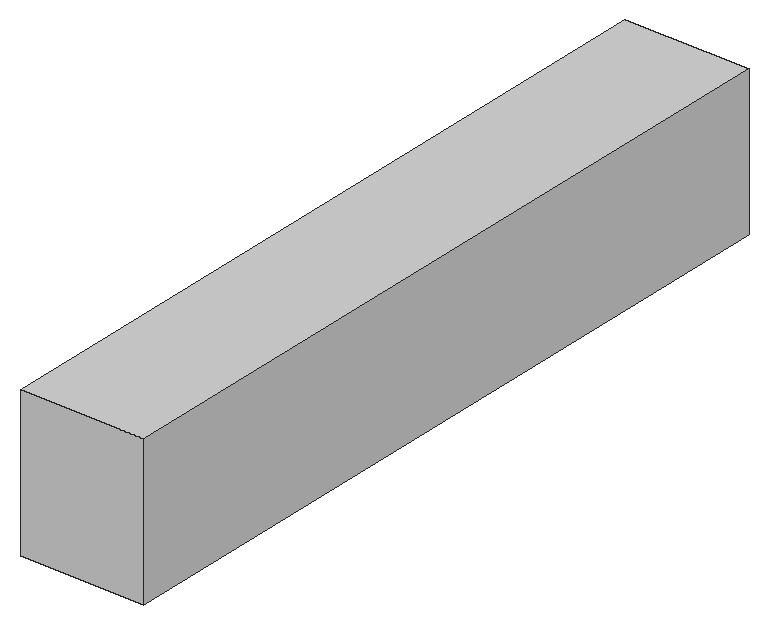
Revit family "MF_COMPENSATION TUBE 4''x2''_1904317", category Generic Models, Revit 2018
Family settings
  Can host rebar = No
  Round Connector Dimension = Use Diameter
  Part Type = Normal
  OmniClass Number = 35.51.14.00
  OmniClass Title = FORMWORK
  Work Plane-Based = Yes
  Always vertical = No
  Cut with Voids When Loaded = No
  Shared = Yes
  Room Calculation Point = No
Parameters
  VERSION = "20190101"  # constant formula
  URL = "www.ulmaconstruction.com/en"
  UNICLASS = ""
  ITEM_CODE = "1904317"
  Manufacturer = "ULMA CONSTRUCTION"  # constant formula
  FILTER [instance] = ""
  Default Elevation = 0"
  CLASSIFICATION_TITLE = ""
  CLASSIFICATION_NUMBER = ""
Reference planes (in)
  plane 1 "Centro (Frontal/Posterior)": y = 0
  plane 2: z = 0
  plane 3 "Centro (Izquierda/Derecha)": x = 0
  plane 4 "ITEM_HEIGHT": y = 24
  plane 5 "TIE HOLE 2": y = 22.38583
  plane 6 "TIE HOLE 1": y = 1.61417
  plane 7: y = 15
  plane 8: y = 9
  plane 9 "MIDDLE": x = 1.9685
Forms (in)
  Extrusion 1, solid, material "ULMA ZINC"
    sketch origin (0, 0, 0) x (1, 0, 0) y (0, 0, 1)
      loop
        line (0, 0) -> (0, -4.72441) -> (3.93701, -4.72441) -> (3.93701, 0) -> (0, 0)
    from -24 to 0
Lines and regions (in)
  model lines, style "ULMA PANELS", detail levels fine
    curve 1: circle (1.9685, 22.38583, -4.72441) r 0.82677 normal (0, 0, 1)
    curve 2: circle (1.9685, 1.61417, -4.72441) r 0.82677 normal (0, 0, 1)
    curve 3: line (2.79528, 20.22047, 0) -> (2.79528, 22.38583, 0)
    curve 4: arc (1.14173, 20.22047, 0) -> (1.9685, 19.3937, 0) -> (2.79528, 20.22047, 0) r 0.82677
    curve 5: line (1.14173, 22.38583, 0) -> (1.14173, 20.22047, 0)
    curve 6: arc (2.79508, 3.77952, 0) -> (1.96854, 4.5602, 0) -> (1.142, 3.77952, 0) r 0.82789
    curve 7: line (1.142, 1.61417, 0) -> (1.142, 3.77952, 0)
    curve 8: line (2.79508, 1.61417, 0) -> (2.79508, 3.77952, 0)
    curve 9: circle (3.93701, 15, -1.72441) r 0.3937 normal (1, 0, 0)
    curve 10: circle (0, 15, -1.72441) r 0.3937 normal (1, 0, 0)
    curve 11: circle (3.93701, 9, -1.72441) r 0.3937 normal (1, 0, 0)
    curve 12: circle (0, 9, -1.72441) r 0.3937 normal (1, 0, 0)
    curve 13: arc (1.14173, 22.38583, 0) -> (1.9685, 23.2126, 0) -> (2.79528, 22.38583, 0) r 0.82677
    curve 14: arc (2.79508, 1.61417, 0) -> (1.96854, 0.8335, 0) -> (1.142, 1.61417, 0) r 0.82789
Dimensions and locks (in)
  locked: plane 1 "Centro (Frontal/Posterior)" to plane 4 "ITEM_HEIGHT" at 24
  locked: plane 3 "Centro (Izquierda/Derecha)" to plane 9 "MIDDLE" at 1.9685
  aligned and locked: level to plane 2
  aligned and locked: plane 4 "ITEM_HEIGHT" to Extrusion 1
  aligned and locked: plane 1 "Centro (Frontal/Posterior)" to Extrusion 1
